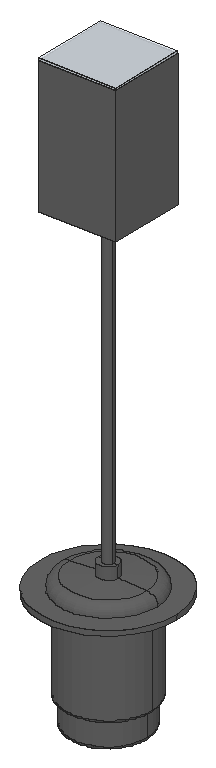
Revit family "LTC-3SQD-P", category Lighting Fixtures, host Face, Revit 2014
Parameters (values of type "LTC-3SQD-P")
  Wattage Comments = "8-25W"
  Wattage = 100 W
  Warranty = "• 5 year warranty\r\n• See HLI Standard Warranty for\r\nadditional information"  # constant formula
  built-in parameter 1150110 = 1 (stored number, unit not read)
  Voltage = 120 V
  built-in parameter 1114217 = 1 (stored number, unit not read)
  Tilt Angle = -90.00°  # constant formula
  built-in parameter 1150109 = 1 (stored number, unit not read)
  built-in parameter 1150134 = 3
  built-in parameter 1150113 = 1 (stored number, unit not read)
  Photometric Web File = "LTC-3SQD-P-20L35K8MD-DM1-S-BL.ies"
  Features = "•\t3inch architectural LED square downlight and wall wash cylinder delivering 600 - 2000 lm\r\n•\t4 beam distributions from 0.6 to 1.2 Spacing Criteria\r\n•\tQuiet reflector appearance with 50º optical cutoff\r\n•\t2700K - 5000K, 80+ and 90+ CRI options\r\n•\tAvailable in Surface, Wall, Pendant, or Cord Mount configurations\r\n•\tVariety of dimming protocol options including 0-10V, DALI, DMX, Forward Phase and EcoSystem\r\n•\tNX Distributed Intelligence™ wired and wireless controls capability available\r\n•\t2 SDCM color consistency\r\n•\tLong life L90 at 55,000 hrs (TM-21)\r\n•\tFive year warranty\r\n\r\n"  # constant formula
  Emit from Rectangle Width = 4.000"  # constant formula
  Emit from Rectangle Length = 4.000"  # constant formula
  Cord Height = 17.500"  # constant formula
  built-in parameter 1150105 = -5684000 (stored number, unit not read)
  Lumens = 2000 lm
  built-in parameter 1150115 = 1 (stored number, unit not read)
  built-in parameter 1150137 = (empty or 0)
  built-in parameter 1150139 = (empty or 0)
  built-in parameter 1150112 = 1 (stored number, unit not read)
  built-in parameter 1150114 = 1 (stored number, unit not read)
  built-in parameter 1150132 = 2
  built-in parameter 1150102 = (empty or 0)
  built-in parameter 1150107 = 3200 (stored number, unit not read)
  built-in parameter 1150138 = (empty or 0)
  built-in parameter 1150106 = -56840 (stored number, unit not read)
  Emit Shape Visible in Rendering = no
  built-in parameter 1150104 = 1.8581 (stored number, unit not read)
  Dimming Lamp Color Temperature Shift = <None>
  Copyright = "© 2019 Prescolite, a division of Hubbell Lighting, Inc"  # constant formula
  Contact us = "https://www.hubbell.com/prescolite/en/contactUs"
  Color Filter = 16777215
  Certifications = "• cCSAus certified to UL 1598\r\n• Wall Mount: Suitable for wet locations\r\n• Surface & Pendant Mount: Suitable for wet\r\nlocations under covered ceiling\r\n• Cord Mount and all Wall Wash: Suitable for\r\ndamp locations"  # constant formula
  built-in parameter 1114218 = 1 (stored number, unit not read)
  Ballast = Paint - Hubbell - Carbon Black
  URL = "http://www.prescolite.com/"
  Product Page URL = "https://www.hubbell.com/prescolite/en/Products/Lighting-Controls/Commercial-Indoor-Lighting/Cylinder/LITEISTRY-3-Square-Cylinder-Downlight/p/3775883"
  Product Documentation Link = "https://hubbellcdn.com/specsheet/LTC-3SQD.pdf"
  Model = "LTC-3SQD"  # constant formula
  Manufacturer = "Prescolite"  # constant formula
  Lamp = "LED Lamp"
  Reflector = Glass - Hubbell - Glass
  Description = "LITEISTRY™ 3inch Square Cylinder"  # constant formula
  Default Elevation = 48.000"
  built-in parameter 1150133 = 10 (stored number, unit not read)
  Apparent Load = 25 VA  # constant formula
Reference planes (in)
  plane 1 "Center (Front/Back)": y = 0
  plane 2: z = 0
  plane 3 "Center (Left/Right)": x = 0
  plane 4: z = 17.5
  plane 5: z = 17.25
  plane 6: x = -1
  plane 7: y = 1
  plane 8: x = 1
  plane 9: y = -1
  plane 10: z = 0.25
  plane 11: x = 3
  plane 12: x = -3
  plane 13: x = -2.75391
  plane 14: x = 2.75391
Forms (in)
  Revolve 1, solid, material "Paint - Hubbell - Carbon Black" <- "Ballast"
    sketch origin (0, 0, -5.91673) x (1, 0, 0) y (0, 0, 1)
      loop
        line (-2.43738, 5.91673) -> (0, 5.91673) -> (0, 23.41673) -> (-0.38833, 23.41673) -> (-0.38833, 23.16673) -> (-0.25, 23.16673) -> (-0.25, 7.36595) -> (-0.5, 7.36595) -> (-0.5, 6.77409)
        arc (-0.5, 6.77409) -> (-1.23654, 6.76804) -> (-1.96967, 6.69706) r 8.34337
        arc (-1.96967, 6.69706) -> (-2.42455, 6.43938) -> (-2.43738, 5.91673) r 0.53033
      axis (0, 23.41673) -> (0, 5.91673)
    angle from 0 to 360
  Extrusion 2, solid, material "Paint - Hubbell - Carbon Black" <- "Ballast"
    sketch origin (0, 0, 0) x (1, 0, 0) y (0, 1, 0)
      loop
        circle (0, 0) r 3.5
    from 0 to 0.25
  Revolve 3, solid, material "Paint - Hubbell - Carbon Black" <- "Ballast"
    sketch origin (0, 0, 0) x (1, 0, 0) y (0, 0, 1)
      loop
        line (0, -6) -> (0, 0.00055) -> (-2.5, 0.00055) -> (-2.5, -0.43712)
        arc (-2.5, -0.43712) -> (-2.48175, -0.48119) -> (-2.43767, -0.49945) r 0.06233
        line (-2.43767, -0.49945) -> (-2.30081, -0.49945)
        arc (-2.30081, -0.49945) -> (-2.26488, -0.51433) -> (-2.25, -0.55026) r 0.05081
        line (-2.25, -0.55026) -> (-2.25, -4.55877)
        arc (-2.25, -4.55877) -> (-2.2306, -4.6056) -> (-2.18377, -4.625) r 0.06623
        line (-2.18377, -4.625) -> (-2.03463, -4.625)
        arc (-2.03463, -4.625) -> (-2.01014, -4.63514) -> (-2, -4.65963) r 0.03463
        line (-2, -4.65963) -> (-2, -5.88059)
        arc (-2, -5.88059) -> (-1.96503, -5.96503) -> (-1.88059, -6) r 0.11941
        line (-1.88059, -6) -> (0, -6)
      axis (0, 0.00055) -> (0, -6)
    angle from 0 to 360
Cuts and joins
  joined: Revolve 1, Extrusion 2
Dimensions and locks (in)
  "Cord Height": plane 4 to host face
  locked: plane 4 to plane 5 at 0.25
  plane 6 to plane 3 "Center (Left/Right)" to plane 8 = 1.000" locked, 1.000" locked
  plane 7 to plane 1 "Center (Front/Back)" to plane 9 = 1.000" locked, 1.000" locked
  locked: plane 10 to level at 0.25
  host face to Revolve 3 sketch curve = 6.000"
  nested 1 to plane 4 = 7.000"
  aligned and locked: plane 2 to host face
  aligned and locked: Revolve 1 sketch curve to plane 4
  aligned and locked: Revolve 1 sketch curve to host face
  aligned and locked: plane 5 to Revolve 1 sketch curve
  aligned and locked: plane 3 "Center (Left/Right)" to nested 1
  aligned and locked: nested 1 to plane 1 "Center (Front/Back)"
  aligned and locked: Extrusion 2 to level
  aligned and locked: plane 10 to Extrusion 2
  aligned and locked: plane 3 "Center (Left/Right)" to imposter light
  aligned and locked: imposter light to nested 1
Automatic sketch dimensions
  host sketch curve to host sketch curve = 96.000"  (x2)
  Revolve 3 sketch curve to plane 3 "Center (Left/Right)" = 0.000"  (x2)
  plane 13 to Revolve 3 sketch curve = 0.87332"
  Revolve 3 sketch curve to Revolve 3 sketch curve = 0.11941"
  Revolve 3 sketch curve to Revolve 3 sketch curve = 0.03463"
  Revolve 3 sketch curve to Revolve 3 sketch curve = 0.14914"
  Revolve 3 sketch curve to Revolve 3 sketch curve = 0.06623"
  Revolve 3 sketch curve to Revolve 3 sketch curve = 0.05081"
  Revolve 3 sketch curve to Revolve 3 sketch curve = 0.13687"
  level to Revolve 3 sketch curve = 0.00055"
  plane 13 to Revolve 3 sketch curve = 0.25391"
  Revolve 3 sketch curve to Revolve 3 sketch curve = 1.22096"
  Revolve 3 sketch curve to level = 0.55026"
  Revolve 3 sketch curve to Revolve 3 sketch curve = 17.63999"
  plane 4 to Revolve 3 sketch curve = 31.07883"
  plane 1 "Center (Front/Back)" to Extrusion 2 sketch curve = 0.000"
  Extrusion 2 sketch curve to plane 3 "Center (Left/Right)" = 0.000"
  Revolve 1 sketch curve to plane 3 "Center (Left/Right)" = 0.000"  (x2)
  Revolve 1 sketch curve to plane 3 "Center (Left/Right)" = 0.250"
  Revolve 1 sketch curve to Revolve 1 sketch curve = 0.13833"
  Revolve 1 sketch curve to Revolve 1 sketch curve = 0.500"
  plane 6 to Revolve 1 sketch curve = 0.20012"
  Revolve 1 sketch curve to plane 6 = 0.96967"
  Revolve 1 sketch curve to level = 7.48063"
  plane 10 to Revolve 1 sketch curve = 1.19922"
  Revolve 1 sketch curve to Revolve 1 sketch curve = 0.46771"
  Revolve 1 sketch curve to Revolve 1 sketch curve = 6.27665"
  Revolve 1 sketch curve to Revolve 1 sketch curve = 7.74272"
  Revolve 1 sketch curve to plane 10 = 0.000"
  radius of Extrusion 2 sketch curve = 3.500"
Nested families (in)
  nested 1: "LTC" at (0, 0, 17.5) x (0, 1, 0) z (0, 0, 1), Ballast <- "Ballast", Reflector <- "Reflector", type "6"
    with Reflector Glass - Hubbell - Glass, Ballast Paint - Hubbell - Carbon Black
Connectors (in)
  electrical at (0, 0, 0), driven by "Description", driven by "Voltage", driven by "Apparent Load"
    settings: index 1, voltage 120 V, apparent load 25 VA, apparent load phase1 0 VA, apparent load phase2 0 VA, apparent load phase3 0 VA, power factor 1, load classification "Other", number of poles 1, system type 30, power factor state 1, is connector primary yes, connector utility no, sub classification motor no, connector description "LITEISTRY™ 3inch Square Cylinder"
Definition of nested family "LTC"
  Parameters (values of type "6")
    Width = 3.92188"
    Wattage Comments = ""
    Lamp = ""
    Ballast [instance] = Finish - Hubbell - Aluminium
    URL = ""
    Product Page URL = ""
    Product Documentation Link = ""
    Model = ""
    Manufacturer Phone = ""
    Manufacturer Fax = ""
    Manufacturer = "Prescolite"
    Reflector [instance] = Glass - Hubbell - Glass
    Description = ""
    Default Elevation = 48.000"
  Reference planes (in)
    plane 1 "Center (Front/Back)": y = 0
    plane 2: z = 0
    plane 3 "Center (Left/Right)": x = 0
    plane 4: y = 1.96094
    plane 5: y = -1.96094
    plane 6: z = 7
    plane 7: z = 0.125
    plane 8: x = 1.96094
    plane 9: z = 6.875
    plane 10: x = -1.96094
  Forms (in)
    Extrusion 1, solid
      sketch origin (0, 0, 0) x (1, 0, 0) y (0, 1, 0)
        loop
          line (-48, 48) -> (-48, -48) -> (48, -48) -> (48, 48) -> (-48, 48)
      from 0 to -6
    Extrusion 2, solid, material "Glass - Hubbell - Glass" <- "Reflector"
      sketch origin (0, 0, 30.25) x (1, 0, 0) y (0, 1, 0)
        loop
          line (-1.96094, 1.96094) -> (-1.96094, -1.96094) -> (1.96094, -1.96094) -> (1.96094, 1.96094) -> (-1.96094, 1.96094)
      from -23.25 to -23.375
    Extrusion 3, solid, material "Finish - Hubbell - Aluminium" <- "Ballast"
      sketch origin (0, 0, 0) x (1, 0, 0) y (0, 1, 0)
        loop
          line (-1.96094, 1.96094) -> (-1.96094, -1.96094) -> (1.96094, -1.96094) -> (1.96094, 1.96094) -> (-1.96094, 1.96094)
      from 0 to 6.875
  Dimensions and locks (in)
    equal spacing: plane 4, plane 1 "Center (Front/Back)", plane 5
    "Width": plane 5 to plane 4
    equal spacing: plane 10, plane 3 "Center (Left/Right)", plane 8
    "Width": plane 10 to plane 8
    aligned and locked: plane 2 to Extrusion 1
    aligned and locked: Extrusion 2 to plane 9
    aligned and locked: plane 9 to Extrusion 3
  Automatic sketch dimensions
    Extrusion 1 sketch curve to Extrusion 1 sketch curve = 96.000"  (x2)
    Extrusion 3 sketch curve to plane 5 = 0.000"
    Extrusion 3 sketch curve to plane 10 = 0.000"
    Extrusion 3 sketch curve to plane 8 = 0.000"
    plane 4 to Extrusion 3 sketch curve = 0.000"
    Extrusion 2 sketch curve to plane 5 = 0.000"
    Extrusion 2 sketch curve to plane 10 = 0.000"
    Extrusion 2 sketch curve to plane 8 = 0.000"
    plane 4 to Extrusion 2 sketch curve = 0.000"
